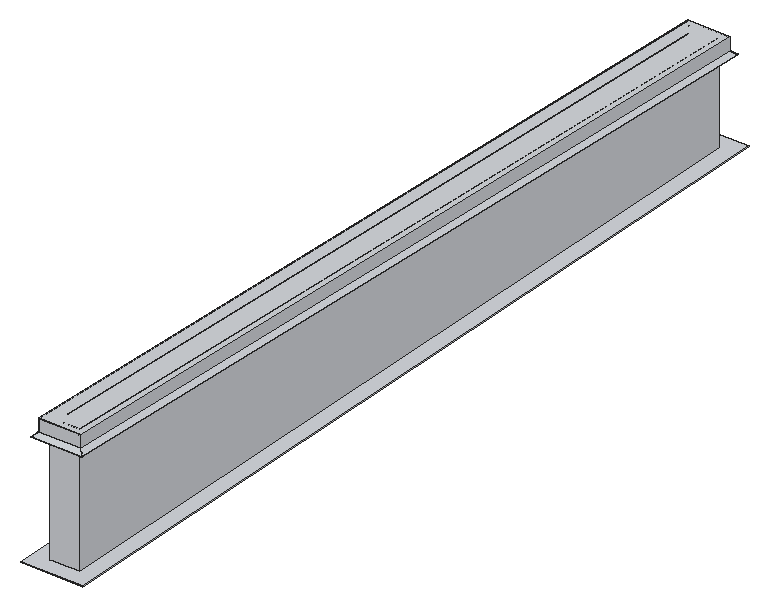
Revit family "UES-3", category Mechanical Equipment, Revit 2015
Parameters
  Width = 0' - 3 1/2"
  URL = "https://unitedenertech.com/catalog/pdf/M_7%20UES-3.pdf"
  Type Comments = "Consult Factory for Max. Sizes"
  Roof Slope = 2.00°
  Model = "UES-3"
  Manufacturer = "United Enertech Corporation"
  Length = 8' - 0"
  Height (12" Standard) = 1' - 0"
  Description = "Equipment Support"
  Cap Width [instance] = Width + 0' 1 1/2"  # 0' - 5"
  Cap Length [instance] = Length + 0' 1 1/2"  # 8' - 1 1/2"
Reference planes (in)
  plane 1 "Center (Front/Back)": y = 0
  plane 2: z = 0
  plane 3 "Center (Left/Right)": x = 0
  plane 4: x = -1.75
  plane 5: x = 1.75
  plane 6: x = -3.75
  plane 7: x = 3.75
  plane 8: y = -48
  plane 9: y = -96
  plane 10: y = 2
  plane 11: y = -98
  plane 12: z = 0.0478
  plane 13: z = 12
  plane 14: z = 11.9522
  plane 15: z = 10.4522
  plane 16: x = -2.5
  plane 17: x = 2.5
  plane 18: y = 0.75
  plane 19: y = -96.75
Forms (in)
  Extrusion 1, solid
    sketch origin (0, 0, 0) x (0, 1, 0) y (0, 0, 1)
      loop
        line (2, 0.06984) -> (2, 0.11764) -> (-98, -3.37444) -> (-98, -3.42224) -> (2, 0.06984)
    from -3.75 to 3.75
  Extrusion 2, solid, material "Wood (Oak)"
    sketch origin (0, 0, 0) x (1, 0, 0) y (0, 0, 1)
      loop
        line (-1.75, 10.4522) -> (1.75, 10.4522) -> (1.75, 11.9522) -> (-1.75, 11.9522) -> (-1.75, 10.4522)
    from 0 to 96
  Extrusion 3, solid
    sketch origin (0, 0, 0) x (0, 1, 0) y (0, 0, 1)
      loop
        line (0, 10.4522) -> (-96, 10.4522) -> (-96, -3.30459) -> (0, 0.0478) -> (0, 10.4522)
    from -1.75 to 1.75
Lines and regions (in)
  reference lines
    curve 1: line (0, 0, 0) -> (0, -155.90497, -5.44432)
    curve 2: line (0, 0, 0.0478) -> (0, -45.22243, -1.5314)
Dimensions and locks (in)
  equal spacing: plane 4, plane 3 "Center (Left/Right)", plane 5
  "Width": plane 4 to plane 5
  equal spacing: plane 9, plane 8, plane 1 "Center (Front/Back)"
  "Length": plane 1 "Center (Front/Back)" to plane 9
  locked: plane 12 to level at 0.0478
  locked: plane 13 to plane 14 at 0.0478
  locked: plane 14 to plane 15 at 1.5
  "Height (12" Standard)": plane 13 to level
  locked: plane 4 to plane 16 at 0.75
  locked: plane 5 to plane 17 at 0.75
  locked: plane 18 to plane 1 "Center (Front/Back)" at 0.75
  locked: plane 9 to plane 19 at 0.75
  locked: plane 11 to plane 9 at 2
  locked: plane 1 "Center (Front/Back)" to plane 10 at 2
  locked: plane 5 to plane 7 at 2
  locked: plane 6 to plane 4 at 2
  "Roof Slope": angle curve 1 to level
  "Roof Slope": angle curve 2 to plane 12
  aligned and locked: level to plane 2
  aligned and locked: plane 1 "Center (Front/Back)" to curve 1
  aligned and locked: level to curve 1
  aligned and locked: plane 1 "Center (Front/Back)" to curve 2
  aligned and locked: plane 12 to curve 2
  aligned and locked: Extrusion 1 sketch curve to plane 10
  aligned and locked: Extrusion 1 sketch curve to plane 11
  aligned and locked: Extrusion 1 sketch curve to curve 2
  aligned and locked: Extrusion 1 sketch curve to curve 1
  aligned and locked: Extrusion 1 to plane 6
  aligned and locked: Extrusion 1 to plane 7
  aligned and locked: nested 1 to plane 8
  aligned and locked: nested 1 to plane 3 "Center (Left/Right)"
  aligned and locked: plane 13 to nested 1
  aligned and locked: plane 14 to Extrusion 2 sketch curve
  aligned and locked: Extrusion 2 sketch curve to plane 4
  aligned and locked: plane 5 to Extrusion 2 sketch curve
  aligned and locked: Extrusion 2 sketch curve to plane 15
  aligned and locked: Extrusion 2 to plane 1 "Center (Front/Back)"
  aligned and locked: Extrusion 2 to plane 9
  aligned and locked: Extrusion 3 sketch curve to plane 15
  aligned and locked: plane 9 to Extrusion 3 sketch curve
  aligned and locked: plane 1 "Center (Front/Back)" to Extrusion 3 sketch curve
  aligned and locked: Extrusion 3 to plane 4
  aligned and locked: Extrusion 1 to Extrusion 3 sketch curve
Nested families (in)
  nested 1: "Rail Cap" at (0, -48, 10), type "Rail Cap"
    with B Side Base I.D. 8' - 1 1/2", A Side Base I.D. 0' - 5"
Definition of nested family "Rail Cap"
  Parameters (values of type "Rail Cap")
    URL = ""
    Type Comments = ""
    Model = ""
    Manufacturer = ""
    Description = ""
    B Side Base I.D. = 3' - 0"
    A Side Base I.D. = 3' - 0"
  Reference planes (in)
    plane 1 "Center (Front/Back)": y = 0
    plane 2: z = 0
    plane 3 "Center (Left/Right)": x = 0
    plane 4: x = -18
    plane 5: x = 18
    plane 6: y = -18
    plane 7: y = 18
    plane 8: x = -18.0478
    plane 9: y = -18.0478
    plane 10: x = 18.0478
    plane 11: y = 18.0478
    plane 12: z = 2
    plane 13: z = 0.5
    plane 14: z = 1.9522
    plane 15: x = -18.5478
    plane 16: y = -18.5478
    plane 17: x = 18.5478
    plane 18: y = 18.5478
    plane 19: z = 1.5772
    plane 20: y = 19.0478
    plane 21: y = -19.0478
    plane 22: x = -19.0478
    plane 23: x = 19.0478
  Forms (in)
    Extrusion 1, solid
      sketch origin (0, 0, 0) x (1, 0, 0) y (0, 0, 1)
        loop
          line (-18.54622, 0.00144) -> (-18, 0.5) -> (-18, 1.9522) -> (-18.0478, 1.9522) -> (-18.0478, 0.51984) -> (-18.5794, 0.03462) -> (-18.54622, 0.00144)
      from -18.5478 to 18.5478
    Extrusion 2, solid
      sketch origin (0, 0, 0) x (-1, 0, 0) y (0, 0, -1)
        loop
          line (-18.54622, -0.00144) -> (-18.5794, -0.03462) -> (-18.0478, -0.51984) -> (-18.0478, -1.9522) -> (-18, -1.9522) -> (-18, -0.5) -> (-18.54622, -0.00144)
      from -18.5478 to 18.5478
    Extrusion 3, solid
      sketch origin (0, 0, 0) x (0, 1, 0) y (0, 0, 1)
        loop
          line (-18, 1.9522) -> (-18.0478, 1.9522) -> (-18.0478, 0.51988) -> (-18.58098, 0.03462) -> (-18.5478, 0.00144) -> (-18, 0.5) -> (-18, 1.9522)
      from -18.5478 to 18.5478
    Extrusion 4, solid
      sketch origin (0, 0, 0) x (0, -1, 0) y (0, 0, -1)
        loop
          line (-18, -1.9522) -> (-18, -0.5) -> (-18.5478, -0.00144) -> (-18.58098, -0.03462) -> (-18.0478, -0.51988) -> (-18.0478, -1.9522) -> (-18, -1.9522)
      from -18.5478 to 18.5478
    Extrusion 5, void
      sketch origin (-93.15685, -31.93875, 0) x (1, 0, 0) y (0, 1, 0)
        loop
          line (106.5478, 18.5478) -> (112.20465, 12.89095) -> (112.20465, 18.5478) -> (106.5478, 18.5478)
      from -1.29054 to 3.19849
    Extrusion 6, void
      sketch origin (-125.5956, 0.5, 0) x (1, 0, 0) y (0, 1, 0)
        loop
          line (106.5478, 18.5478) -> (112.20465, 12.89095) -> (112.20465, 18.5478) -> (106.5478, 18.5478)
      from -3.18066 to 4.14355
    Extrusion 7, void
      sketch origin (-109.38054, -28.0092, 0) x (1, 0, 0) y (0, 1, 0)
        loop
          line (117.42834, 19.9614) -> (117.42834, 8.9614) -> (128.42834, 8.9614) -> (117.42834, 19.9614)
      from -1.13303 to 3.27725
    Extrusion 8, void
      sketch origin (-136.47614, -0.9136, 0) x (1, 0, 0) y (0, 1, 0)
        loop
          line (117.42834, 19.9614) -> (117.42834, 8.9614) -> (128.42834, 8.9614) -> (117.42834, 19.9614)
      from -1.68432 to 3.74977
    Extrusion 9, void
      sketch origin (-121.30312, -30.02453, 0) x (1, 0, 0) y (0, 1, 0)
        loop
          line (109.32639, 18.0478) -> (102.25532, 18.0478) -> (102.25532, 10.97673) -> (109.32639, 18.0478)
      from -1.13303 to 3.59226
    Extrusion 10, void
      sketch origin (-90.27859, 1, 0) x (1, 0, 0) y (0, 1, 0)
        loop
          line (109.32639, 18.0478) -> (102.25532, 18.0478) -> (102.25532, 10.97673) -> (109.32639, 18.0478)
      from -1.44805 to 3.51351
    Extrusion 11, void
      sketch origin (-116.53283, -32.26123, 0) x (1, 0, 0) y (0, 1, 0)
        loop
          line (105.97031, 21.69871) -> (97.48503, 13.21343) -> (105.97031, 13.21343) -> (105.97031, 21.69871)
      from -1.3693 to 3.82853
    Extrusion 12, void
      sketch origin (-86.92251, -2.65091, 0) x (1, 0, 0) y (0, 1, 0)
        loop
          line (105.97031, 21.69871) -> (97.48503, 13.21343) -> (105.97031, 13.21343) -> (105.97031, 21.69871)
      from -0.97552 to 3.04098
    Extrusion 13, solid
      sketch origin (0, 0, 0) x (1, 0, 0) y (0, 1, 0)
        loop
          line (-18.0478, -18.0478) -> (18.0478, -18.0478) -> (18.0478, 18.0478) -> (-18.0478, 18.0478) -> (-18.0478, -18.0478)
      from 1.9522 to 2
  Cuts and joins
    Extrusion 6, Extrusion 11 cuts Extrusion 1
    Extrusion 5, Extrusion 9 cuts Extrusion 3
    Extrusion 8, Extrusion 12 cuts Extrusion 4
    Extrusion 7, Extrusion 10 cuts Extrusion 2
  Dimensions and locks (in)
    equal spacing: plane 4, plane 3 "Center (Left/Right)", plane 5
    "A Side Base I.D.": plane 4 to plane 5
    equal spacing: plane 7, plane 1 "Center (Front/Back)", plane 6
    "B Side Base I.D.": plane 7 to plane 6
    locked: plane 6 to plane 9 at 0.0478
    locked: plane 11 to plane 7 at 0.0478
    locked: plane 8 to plane 4 at 0.0478
    locked: plane 5 to plane 10 at 0.0478
    locked: plane 12 to level at 2
    locked: plane 13 to level at 0.5
    locked: plane 12 to plane 14 at 0.0478
    locked: plane 9 to plane 16 at 0.5
    locked: plane 15 to plane 8 at 0.5
    locked: plane 11 to plane 18 at 0.5
    locked: plane 10 to plane 17 at 0.5
    locked: plane 14 to plane 19 at 0.375
    locked: plane 18 to plane 20 at 0.5
    locked: plane 21 to plane 16 at 0.5
    locked: plane 22 to plane 15 at 0.5
    locked: plane 17 to plane 23 at 0.5
    locked: Extrusion 5 sketch curve to Extrusion 5 sketch curve (angle 45.00°)  (x2)
    locked: Extrusion 6 sketch curve to Extrusion 6 sketch curve (angle 45.00°)  (x2)
    locked: Extrusion 7 sketch curve to Extrusion 7 sketch curve (angle 45.00°)  (x2)
    locked: Extrusion 8 sketch curve to Extrusion 8 sketch curve (angle 45.00°)  (x2)
    locked: Extrusion 9 sketch curve to Extrusion 9 sketch curve (angle 45.00°)  (x2)
    locked: Extrusion 10 sketch curve to Extrusion 10 sketch curve (angle 45.00°)  (x2)
    locked: Extrusion 11 sketch curve to Extrusion 11 sketch curve (angle 45.00°)  (x2)
    locked: Extrusion 12 sketch curve to Extrusion 12 sketch curve (angle 45.00°)  (x2)
    aligned and locked: level to plane 2
    aligned and locked: plane 4 to Extrusion 1 sketch curve
    aligned and locked: Extrusion 1 sketch curve to plane 8
    aligned and locked: plane 14 to Extrusion 1 sketch curve
    aligned and locked: plane 13 to Extrusion 1 sketch curve
    aligned and locked: Extrusion 2 sketch curve to plane 14
    aligned and locked: plane 5 to Extrusion 2 sketch curve
    aligned and locked: plane 10 to Extrusion 2 sketch curve
    aligned and locked: plane 13 to Extrusion 2 sketch curve
    aligned and locked: Extrusion 1 to plane 18
    aligned and locked: Extrusion 1 to plane 16
    aligned and locked: Extrusion 2 to plane 16
    aligned and locked: Extrusion 2 to plane 18
    aligned and locked: plane 16 to Extrusion 3 sketch curve
    aligned and locked: plane 6 to Extrusion 3 sketch curve  (x2)
    aligned and locked: plane 13 to Extrusion 3 sketch curve
    aligned and locked: plane 9 to Extrusion 3 sketch curve
    aligned and locked: Extrusion 3 sketch curve to plane 14
    aligned and locked: Extrusion 4 sketch curve to plane 11
    aligned and locked: plane 7 to Extrusion 4 sketch curve
    aligned and locked: plane 14 to Extrusion 4 sketch curve
    aligned and locked: plane 13 to Extrusion 4 sketch curve
    aligned and locked: plane 18 to Extrusion 4 sketch curve
    aligned and locked: Extrusion 3 to plane 15
    aligned and locked: Extrusion 3 to plane 17
    aligned and locked: Extrusion 4 to plane 17
    aligned and locked: Extrusion 4 to plane 15
    aligned and locked: plane 22 to Extrusion 6 sketch curve
    aligned and locked: plane 20 to Extrusion 6 sketch curve
    aligned and locked: plane 21 to Extrusion 5 sketch curve
    aligned and locked: plane 23 to Extrusion 5 sketch curve
    aligned and locked: plane 20 to Extrusion 8 sketch curve
    aligned and locked: plane 22 to Extrusion 8 sketch curve
    aligned and locked: plane 21 to Extrusion 7 sketch curve
    aligned and locked: plane 23 to Extrusion 7 sketch curve
    aligned and locked: plane 23 to Extrusion 10 sketch curve
    aligned and locked: plane 20 to Extrusion 10 sketch curve
    aligned and locked: plane 21 to Extrusion 9 sketch curve
    aligned and locked: Extrusion 9 sketch curve to plane 22
    aligned and locked: plane 20 to Extrusion 12 sketch curve
    aligned and locked: plane 23 to Extrusion 12 sketch curve
    aligned and locked: Extrusion 11 sketch curve to plane 22
    aligned and locked: plane 21 to Extrusion 11 sketch curve
    aligned and locked: Extrusion 13 sketch curve to plane 8
    aligned and locked: Extrusion 13 sketch curve to plane 11
    aligned and locked: Extrusion 13 sketch curve to plane 9
    aligned and locked: Extrusion 13 sketch curve to plane 10
    aligned and locked: Extrusion 13 to plane 14
    aligned and locked: plane 12 to Extrusion 13
  Automatic sketch dimensions
    plane 15 to Extrusion 1 sketch curve = 0' - 0.00158"
    Extrusion 1 sketch curve to plane 15 = 0' - 0.0316"
    level to Extrusion 1 sketch curve = 0' - 0.03462"
    level to Extrusion 1 sketch curve = 0' - 0.00144"
    plane 13 to Extrusion 1 sketch curve = 0' - 0.01984"
    Extrusion 2 sketch curve to plane 17 = 0' - 0.00158"
    plane 17 to Extrusion 2 sketch curve = 0' - 0.0316"
    Extrusion 2 sketch curve to level = 0' - 0.03462"
    Extrusion 2 sketch curve to level = 0' - 0.00144"
    Extrusion 2 sketch curve to plane 13 = 0' - 0.01984"
    Extrusion 3 sketch curve to plane 16 = 0' - 0.03318"
    level to Extrusion 3 sketch curve = 0' - 0.03462"
    level to Extrusion 3 sketch curve = 0' - 0.00144"
    plane 13 to Extrusion 3 sketch curve = 0' - 0.01988"
    plane 18 to Extrusion 4 sketch curve = 0' - 0.03318"
    Extrusion 4 sketch curve to level = 0' - 0.03462"
    Extrusion 4 sketch curve to level = 0' - 0.00144"
    Extrusion 4 sketch curve to plane 13 = 0' - 0.01988"
    Extrusion 5 sketch curve to plane 5 = 0' - 4.60905"
    plane 4 to Extrusion 6 sketch curve = 0' - 4.60905"
    plane 1 "Center (Front/Back)" to Extrusion 7 sketch curve = 0' - 8.0478"
    Extrusion 8 sketch curve to plane 1 "Center (Front/Back)" = 0' - 8.0478"
    plane 4 to Extrusion 9 sketch curve = 0' - 6.02327"
    Extrusion 10 sketch curve to plane 5 = 0' - 6.02327"
    Extrusion 11 sketch curve to Extrusion 11 sketch curve = 0' - 8.48528"
    Extrusion 12 sketch curve to plane 7 = 0' - 7 7/16"
